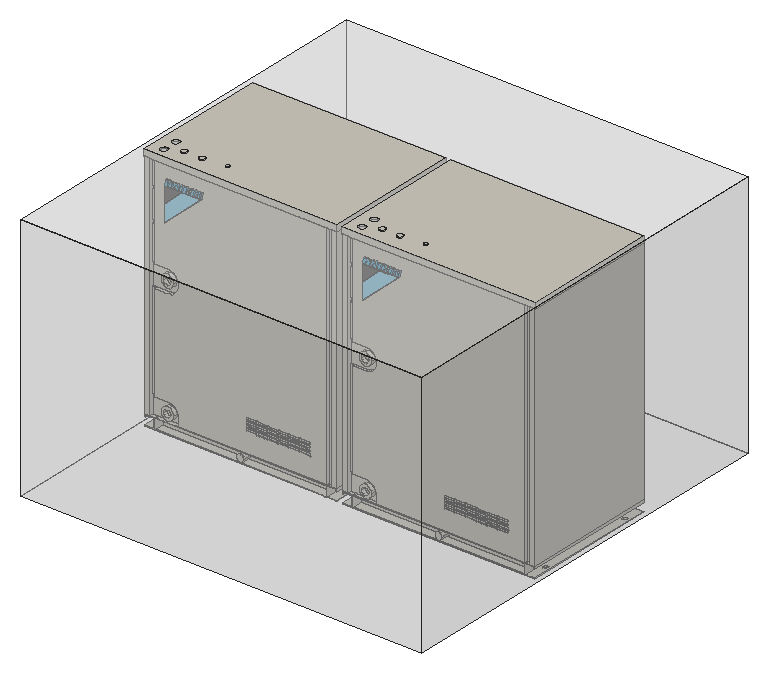
Revit family "outputfile", category 機械設備, Revit 2024
Family settings
  丸型コネクタ寸法 = 半径を使用
  種別 = なし
  パーツ タイプ = 標準
  OmniClass 番号 = 23.75.10.24.21.27.27
  OmniClass タイトル = Split System Air Conditioning Units
  作業面ベース = いいえ
  常に垂直 = はい
  ロード時にボイドで切り取り = いいえ
  注釈の向きを維持 = いいえ
  共有 = いいえ
  部屋計算ポイント = いいえ
Parameters (values of type "RWEYQ24TY1S")
  製造元 = "Daikin"
  書き出し IFC クラス(タイプ) = "IfcUnitaryEquipmentType"
  定義済み IFC タイプ(タイプ) = "AIRCONDITIONINGUNIT"
  モデル = "RWEYQ24TY1S"
  w_unit2 = 780.0 mm
  w_unit1 = 780.0 mm
  switch_unit2_6-8 [instance] = if(Reverse_ModuleSequence, if(default_unit1 = 1, 1 = 1, 1 = 0), if(default_unit2 = 1, 1 = 1, 1 = 0))  # no
  switch_unit2_12 [instance] = if(Reverse_ModuleSequence, if(default_unit1 = 3, 1 = 1, 1 = 0), if(default_unit2 = 3, 1 = 1, 1 = 0))  # yes
  switch_unit2_10 [instance] = if(Reverse_ModuleSequence, if(default_unit1 = 2, 1 = 1, 1 = 0), if(default_unit2 = 2, 1 = 1, 1 = 0))  # no
  switch_unit1_6-8 [instance] = if(Reverse_ModuleSequence, if(default_unit2 = 1, 1 = 1, 1 = 0), if(default_unit1 = 1, 1 = 1, 1 = 0))  # no
  switch_unit1_12 [instance] = if(Reverse_ModuleSequence, if(default_unit2 = 3, 1 = 1, 1 = 0), if(default_unit1 = 3, 1 = 1, 1 = 0))  # yes
  switch_unit1_10 [instance] = if(Reverse_ModuleSequence, if(default_unit2 = 2, 1 = 1, 1 = 0), if(default_unit1 = 2, 1 = 1, 1 = 0))  # no
  rangle_Drain [instance] = if(Rear Connection_Drain, 180.00°, 0.00°)  # 0.00°
  r_Water Outlet Pipe Connection_unit2 [instance] = Water Outlet Pipe Connection_Unit2 / 2  # 15.9 mm
  r_Water Outlet Pipe Connection_unit1 [instance] = Water Outlet Pipe Connection_Unit1 / 2  # 15.9 mm
  r_Water Inlet Pipe Connection_unit2 [instance] = Water Inlet Pipe Connection_Unit2 / 2  # 15.9 mm
  r_Water Inlet Pipe Connection_unit1 [instance] = Water Inlet Pipe Connection_Unit1 / 2  # 15.9 mm
  r_Liquid Pipe Size_unit2 [instance] = Liquid Pipe Size_Unit 2 / 2  # 6.35 mm
  r_HP/LP Gas Pipe Size_unit2 [instance] = [HP/LP Gas Pipe Size_Unit 2] / 2  # 11.1 mm
  r_HP/LP Gas Pipe Size_unit1 [instance] = [HP/LP Gas Pipe Size_Unit 1] / 2  # 11.1 mm
  r_Gas Pipe Size_unit2 [instance] = Gas Pipe Size_Unit 2 / 2  # 11.1 mm
  r_Drain Pipe Size = Drain Pipe Size / 2  # 6.35 mm
  lw_powersupply2 = 51.0 mm
  lw_liquidpipe2 = 274.0 mm
  lw_gaspipe2 [instance] = if(Heat Pump, 107.0 mm, 178.0 mm)  # 107.0 mm
  lw_Water Outlet2 = 95.0 mm
  lw_Water Outlet1 = 95.0 mm
  lw_Water Inlet2 = 95.0 mm
  lw_Water Inlet1 = 95.0 mm
  lw_HP/LP Gas Pipe2 [instance] = if(Heat Pump, 178.0 mm, 107.0 mm)  # 178.0 mm
  lw_HP/LP Gas Pipe1 [instance] = if(Heat Pump, 178.0 mm, 107.0 mm)  # 178.0 mm
  lw_Drain2 = 390.0 mm
  lw_Drain1 = 390.0 mm
  ld_HP/LP Gas Pipe = 69.0 mm
  h_mountinghole = [h_***] + 2.3 mm  # 2.3 mm
  r_Liquid Pipe Size_unit1 [instance] = Liquid Pipe Size_Unit 1 / 2  # 6.35 mm
  r_Gas Pipe Size_unit1 [instance] = Gas Pipe Size_Unit 1 / 2  # 11.1 mm
  distance_unit1-2 [instance] = 20.0 mm
  default_unit2 = 3
  default_unit1 = 3
  default_Water Outlet Pipe Connection_Unit 3 = 31.8 mm
  default_Water Outlet Pipe Connection_Unit 2 = 31.8 mm
  default_Water Outlet Pipe Connection_Unit 1 = 31.8 mm
  default_Water Inlet Pipe Connection_Unit 3 = 31.8 mm
  default_Water Inlet Pipe Connection_Unit 2 = 31.8 mm
  default_Water Inlet Pipe Connection_Unit 1 = 31.8 mm
  default_Model_Unit 2 = "RWEYQ12TY1S"
  default_Model_Unit 1 = "RWEYQ12TY1S"
  default_Liquid Pipe Size_Unit 2 = 12.7 mm
  default_Liquid Pipe Size_Unit 1 = 12.7 mm
  default_HP/LP Gas Pipe Size_Unit 2 [instance] = if(and(Heat Pump, [switch_unit2_6-8]), 19.1 mm, if(and(Heat Pump, switch_unit2_10), 22.2 mm, if(and(Heat Pump, switch_unit2_12), 22.2 mm, if(and(Heat Recovery, [switch_unit2_6-8]), 15.9 mm, if(and(Heat Recovery, switch_unit2_10), 19.1 mm, if(and(Heat Recovery, switch_unit2_12), 19.1 mm, 19.1 mm))))))  # 22.2 mm
  default_HP/LP Gas Pipe Size_Unit 1 [instance] = if(and(Heat Pump, [switch_unit1_6-8]), 19.1 mm, if(and(Heat Pump, switch_unit1_10), 22.2 mm, if(and(Heat Pump, switch_unit1_12), 22.2 mm, if(and(Heat Recovery, [switch_unit1_6-8]), 15.9 mm, if(and(Heat Recovery, switch_unit1_10), 19.1 mm, if(and(Heat Recovery, switch_unit1_12), 19.1 mm, 19.1 mm))))))  # 22.2 mm
  default_Gas Pipe Size_Unit 2 = 22.2 mm
  default_Gas Pipe Size_Unit 1 = 22.2 mm
  Water Outlet Pipe Connection_Unit2 [instance] = if(Reverse_ModuleSequence, default_Water Inlet Pipe Connection_Unit 1, default_Water Inlet Pipe Connection_Unit 2)  # 31.8 mm
  Water Outlet Pipe Connection_Unit1 [instance] = if(Reverse_ModuleSequence, default_Water Outlet Pipe Connection_Unit 2, default_Water Outlet Pipe Connection_Unit 1)  # 31.8 mm
  Water Inlet Pipe Connection_Unit2 [instance] = if(Reverse_ModuleSequence, default_Water Outlet Pipe Connection_Unit 1, default_Water Outlet Pipe Connection_Unit 2)  # 31.8 mm
  Water Inlet Pipe Connection_Unit1 [instance] = if(Reverse_ModuleSequence, default_Water Inlet Pipe Connection_Unit 2, default_Water Inlet Pipe Connection_Unit 1)  # 31.8 mm
  Voltage_comment_50Hz = "380-415"
  Voltage_50Hz = 400 V
  Top Connection_powersupply2 [instance] = not(Top Connection_powersupply1)  # no
  Sound Power Level (dB) = 75
  Reverse_ModuleSequence [instance] = no
  Rear Connection_Drain [instance] = not(Front Connection_Drain)  # no
  Power Input (Heating) = 15.700 kW
  Phase_50Hz = 3
  Nominal Heating Capacity = 75.000 kW
  Model_Unit 2 [instance] = if(Reverse_ModuleSequence, default_Model_Unit 1, default_Model_Unit 2)  # "RWEYQ12TY1S"
  Model_Unit 1 [instance] = if(Reverse_ModuleSequence, default_Model_Unit 2, default_Model_Unit 1)  # "RWEYQ12TY1S"
  Minimum Circuit Amps_50Hz = 27.3 A
  Maximum Fuse Amps_50Hz = 35.0 A
  Material_Heat Exchanger = DAIKIN_Blue_HE_outdoorunit
  Material_Casing = DAIKIN_IvoryWhite_Casing_outdoorunit
  lw_powersupply1 = 51.0 mm
  lw_liquidpipe1 = 274.0 mm
  lw_gaspipe1 [instance] = if(Heat Pump, 107.0 mm, 178.0 mm)  # 107.0 mm
  lh_powersupply = 940.0 mm
  ld_powersupply [instance] = if(Top Connection_powersupply1, 38.0 mm, 98.0 mm)  # 38.0 mm
  ld_liquidpipe = 79.0 mm
  ld_gaspipe = 69.0 mm
  h_*** = 0.0 mm
  Width [instance] = [distance_unit1-2] + w_unit1 + w_unit2  # 1580.0 mm
  Version = "ver.1.0"
  Unit Type = ""
  Unit Mass Weight = 294.00 kg
  Unit Designation [instance] = ""
  Uniclass2015Version = "Products v1.30"
  Uniclass2015Title = "Variable refrigerant flow units"
  Uniclass2015Code = "Pr_70_65_03_94"
  Total Cooling Capacity [instance] = 0.000 kW
  Sound Pressure Level (dBA) = 56
  Series = "VRV Heat Recovery"
  Refrigerant_Base Charge = 8.400 kg
  Refrigerant_Additional Charge [instance] = 0.000 kg
  Refrigerant Type = "R410A"
  Power Input (Cooling) = 14.700 kW
  Option Accessory 3 [instance] = ""
  Option Accessory 2 [instance] = ""
  Option Accessory 1 [instance] = ""
  Nominal Cooling Capacity = 67.000 kW
  Load Classification = HVAC
  Liquid Pipe Size_Unit 2 [instance] = if(Reverse_ModuleSequence, default_Liquid Pipe Size_Unit 1, default_Liquid Pipe Size_Unit 2)  # 12.7 mm
  Liquid Pipe Size_Unit 1 [instance] = if(Reverse_ModuleSequence, default_Liquid Pipe Size_Unit 2, default_Liquid Pipe Size_Unit 1)  # 12.7 mm
  Link_Nested Family [instance] = ""
  IfcVersion = ""
  IfcExportType = "AIRCONDITIONINGUNIT"
  IfcExportAs = "IfcUnitaryEquipmentType"
  Height = 1000.0 mm
  Heat Recovery [instance] = not(Heat Pump)  # no
  Heat Pump [instance] = yes
  Heat Exchanger Type = "Stainless Steel Plate"
  HP/LP Gas Pipe Size_Unit 2 [instance] = [default_HP/LP Gas Pipe Size_Unit 2]  # 22.2 mm
  HP/LP Gas Pipe Size_Unit 1 [instance] = [default_HP/LP Gas Pipe Size_Unit 1]  # 22.2 mm
  Gas Pipe Size_Unit 2 [instance] = if(Reverse_ModuleSequence, default_Gas Pipe Size_Unit 1, default_Gas Pipe Size_Unit 2)  # 22.2 mm
  Gas Pipe Size_Unit 1 [instance] = if(Reverse_ModuleSequence, default_Gas Pipe Size_Unit 2, default_Gas Pipe Size_Unit 1)  # 22.2 mm
  Top Connection_powersupply1 [instance] = yes
  Front Connection_Drain [instance] = yes
  Frequency_50Hz = 50 Hz
  Drain Pipe Size = 12.7 mm
  Depth = 550.0 mm
  既定の高さ = 0.0 mm
  Cooling Ambient Wet Bulb Temperature [instance] = 0.00 °C
  Cooling Ambient Dry Bulb Temperature [instance] = 0.00 °C
  Compressor Type = "Hermetically Sealed Scroll Type"
  Clearance visibility [instance] = yes
  Clearance Top = 0.0 mm
  Clearance Right = 20.0 mm
  Clearance Rear = 500.0 mm
  Clearance Left = 20.0 mm
  Clearance Front = 600.0 mm
  Clearance Bottom = 0.0 mm
  CU Tag No. [instance] = ""
Reference planes
  plane 1 "Center (Front/Back)": y = 0
  plane 2 "h_***": z = 0
  plane 3 "Center (Left/Right)": x = 0
  plane 4 "Back": y = 275
  plane 5 "Front": y = -275
  plane 6 "Left": x = -390
  plane 7 "w_unit1": x = 390
  plane 8 "Top": z = 1000
  plane 9 "Clearance Rear": y = 775
  plane 10 "Clearance Front": y = -875
  plane 11 "Clearance Left": x = -410
  plane 12 "Clearance Right": x = 1210
  plane 13 "Clearance Top": z = 1000
  plane 14 "Clearance Bottom": z = 0
  plane 15 "Bottom": z = 0
  plane 16 "lw_powersupply1": x = -339
  plane 17 "ld_powersupply": y = -237
  plane 18 "lw_liquidpipe1": x = -116
  plane 19 "Rear Connection_refrigetant": y = -196
  plane 20 "lw_gaspipe1": x = -283
  plane 21 "ld_gaspipe": y = -206
  plane 22 "lh_logo": z = 900
  plane 23 "lw_logo": x = 100
  plane 24 "lh_powersupply": z = 940
  plane 25 "lw_HP/LP Gas Pipe1": x = -212
  plane 26 "ld_HP/LP Gas Pipe": y = -206
  plane 27 "l_unit2": x = 410
  plane 28 "Right": x = 1190
  plane 29 "lw_powersupply2": x = 461
  plane 30 "lw_liquidpipe2": x = 684
  plane 31 "lw_gaspipe2": x = 517
  plane 32 "lw_HP/LP Gas Pipe2": x = 588
  plane 33 "lw_Water Inlet1": x = -295
  plane 34 "lw_Water Inlet2": x = 505
  plane 35 "lw_Water Outlet1": x = -295
  plane 36 "lw_Water Outlet2": x = 505
  plane 37 "lw_Drain1": x = 0
  plane 38 "lw_Drain2": x = 800
Dimensions and locks
  equal spacing: plane 4 "Back", plane 1 "Center (Front/Back)", plane 5 "Front"
  "Depth": plane 4 "Back" to plane 5 "Front"
  equal spacing: plane 6 "Left", plane 3 "Center (Left/Right)", plane 7 "w_unit1"
  "w_unit1": plane 6 "Left" to plane 7 "w_unit1"
  "Clearance Rear": plane 9 "Clearance Rear" to plane 4 "Back"
  "Clearance Front": plane 10 "Clearance Front" to plane 5 "Front"
  "Clearance Left": plane 11 "Clearance Left" to plane 6 "Left"
  "Clearance Top": plane 13 "Clearance Top" to plane 8 "Top"
  "h_***": plane 15 "Bottom" to plane 2 "h_***"
  "Height": plane 8 "Top" to plane 15 "Bottom"
  "Clearance Bottom": plane 15 "Bottom" to plane 14 "Clearance Bottom"
  "ld_powersupply": plane 17 "ld_powersupply" to plane 5 "Front"
  "ld_liquidpipe": plane 19 "Rear Connection_refrigetant" to plane 5 "Front"
  "ld_gaspipe": plane 21 "ld_gaspipe" to plane 5 "Front"
  locked: plane 23 "lw_logo" to plane 7 "w_unit1" at 290
  locked: plane 22 "lh_logo" to plane 15 "Bottom" at 900
  "lw_gaspipe1": plane 6 "Left" to plane 20 "lw_gaspipe1"
  "lw_liquidpipe1": plane 6 "Left" to plane 18 "lw_liquidpipe1"
  "lw_powersupply1": plane 6 "Left" to plane 16 "lw_powersupply1"
  "lh_powersupply": plane 24 "lh_powersupply" to plane 15 "Bottom"
  "lw_HP/LP Gas Pipe1": plane 6 "Left" to plane 25 "lw_HP/LP Gas Pipe1"
  "ld_HP/LP Gas Pipe": plane 26 "ld_HP/LP Gas Pipe" to plane 5 "Front"
  "distance_unit1-2": plane 7 "w_unit1" to plane 27 "l_unit2"
  "Clearance Right": plane 28 "Right" to plane 12 "Clearance Right"
  "Width": plane 6 "Left" to plane 28 "Right"
  "lw_powersupply2": plane 27 "l_unit2" to plane 29 "lw_powersupply2"
  "lw_HP/LP Gas Pipe2": plane 27 "l_unit2" to plane 32 "lw_HP/LP Gas Pipe2"
  "lw_gaspipe2": plane 27 "l_unit2" to plane 31 "lw_gaspipe2"
  "lw_liquidpipe2": plane 27 "l_unit2" to plane 30 "lw_liquidpipe2"
  "lw_Water Inlet1": plane 6 "Left" to plane 33 "lw_Water Inlet1"
  "lw_Water Inlet2": plane 27 "l_unit2" to plane 34 "lw_Water Inlet2"
  "lw_Water Outlet1": plane 6 "Left" to plane 35 "lw_Water Outlet1"
  "lw_Water Outlet2": plane 27 "l_unit2" to plane 36 "lw_Water Outlet2"
  "lw_Drain1": plane 6 "Left" to plane 37 "lw_Drain1"
  "lw_Drain2": plane 27 "l_unit2" to plane 38 "lw_Drain2"
  aligned and locked: level to plane 2 "h_***"
  aligned and locked: plane 9 "Clearance Rear" to nested 2
  aligned and locked: nested 2 to plane 10 "Clearance Front"
  aligned and locked: plane 11 "Clearance Left" to nested 2
  aligned and locked: plane 12 "Clearance Right" to nested 2
  aligned and locked: plane 13 "Clearance Top" to nested 2
  aligned and locked: plane 14 "Clearance Bottom" to nested 2
  aligned and locked: plane 8 "Top" to nested 1
  aligned and locked: plane 22 "lh_logo" to nested 7
  aligned and locked: nested 8 to plane 16 "lw_powersupply1"
  aligned and locked: nested 9 to plane 20 "lw_gaspipe1"
  aligned and locked: nested 10 to plane 18 "lw_liquidpipe1"
  aligned and locked: nested 10 to plane 19 "Rear Connection_refrigetant"
  aligned and locked: nested 9 to plane 21 "ld_gaspipe"
  aligned and locked: nested 8 to plane 17 "ld_powersupply"
  aligned and locked: plane 5 "Front" to nested 7
  aligned and locked: plane 24 "lh_powersupply" to nested 8
  aligned and locked: plane 27 "l_unit2" to nested 11
  aligned and locked: nested 17 to plane 29 "lw_powersupply2"
  aligned and locked: nested 17 to plane 17 "ld_powersupply"
  aligned and locked: nested 18 to plane 31 "lw_gaspipe2"
  aligned and locked: nested 18 to plane 26 "ld_HP/LP Gas Pipe"
  aligned and locked: plane 33 "lw_Water Inlet1" to nested 20
  aligned and locked: plane 34 "lw_Water Inlet2" to nested 21
  aligned and locked: plane 35 "lw_Water Outlet1" to nested 22
  aligned and locked: plane 36 "lw_Water Outlet2" to nested 23
  aligned and locked: plane 37 "lw_Drain1" to nested 24
  aligned and locked: plane 38 "lw_Drain2" to nested 25
  aligned and locked: plane 1 "Center (Front/Back)" to nested 20
  aligned and locked: plane 1 "Center (Front/Back)" to nested 21
  aligned and locked: plane 1 "Center (Front/Back)" to nested 22
  aligned and locked: plane 1 "Center (Front/Back)" to nested 23
  aligned and locked: plane 1 "Center (Front/Back)" to nested 24
  aligned and locked: plane 1 "Center (Front/Back)" to nested 25
  aligned and locked: nested 26 to plane 26 "ld_HP/LP Gas Pipe"
  aligned and locked: nested 27 to plane 26 "ld_HP/LP Gas Pipe"
  aligned and locked: plane 32 "lw_HP/LP Gas Pipe2" to nested 27
  aligned and locked: plane 25 "lw_HP/LP Gas Pipe1" to nested 26
Nested families
  nested 1: "DAIKIN_outdoorunit_RWEYQ-TY1S" at (-31, 0, 0), h_*** <- "h_***", Link_Nest <- "Link_Nested Family", h_mountinghole <- "h_mountinghole", Width <- "w_unit1", switch_unit1_6-8 <- "switch_unit1_6-8", switch_unit1_10 <- "switch_unit1_10", switch_unit1_12 <- "switch_unit1_12", type "RWEYQ-TY1S"
    with switch_unit1_6-8 no, switch_unit1_12 yes, switch_unit1_10 no, show_fixedhole yes, h_mountinghole 2.3 mm, h_antenna_mountinghole 998.7 mm, h_*** 0.0 mm, array_bolt 5, Width 780.0 mm, Liquid Pipe Size_Unit 1 12.7 mm, Link_Nest "", HP/LP Pipe Size_Unit 1 22.2 mm, Gas Pipe Size_Unit 1 22.2 mm
  nested 2: "daikin_clearancespace" at (400, -50, 500.119), visible <- "Clearance visibility", show <- "Clearance visibility", Link_Nested Family <- "Link_Nested Family", type "daikin_clearancespace"
    with width 1620.0 mm, show yes, height 1000.0 mm, depth 1650.0 mm, Link_Nested Family ""
  nested 3: "daikin_mountinghole" at (-372, 200, 0), type "daikin_mountinghole"
    with show yes, l_antenna 998.7 mm, h_mountinghole 2.3 mm, Link_Nested Family ""
  nested 4: "daikin_mountinghole" at (372, 200, 0), type "daikin_mountinghole"
    with show yes, l_antenna 998.7 mm, h_mountinghole 2.3 mm, Link_Nested Family ""
  nested 5: "daikin_mountinghole" at (-372, -200, 0), type "daikin_mountinghole"
    with show yes, l_antenna 998.7 mm, h_mountinghole 2.3 mm, Link_Nested Family ""
  nested 6: "daikin_mountinghole" at (372, -200, 0), type "daikin_mountinghole"
    with show yes, l_antenna 998.7 mm, h_mountinghole 2.3 mm, Link_Nested Family ""
  nested 7: "daikin_logo_elevation_w150" at (-212.5, -275, 744.568), type "daikin_logo_elevation_w150"
    with show_logo yes
  nested 8: "daikin_connector_rotate3" at (-339, -237, 940) x (-1, 0, 0) z (0, 0, -1), type "daikin_connector_rotate3"
    with show no, radius 10.0 mm, length 60.0 mm, angle_vertical 0.00°, angle_horizontal 0.00°
  nested 9: "daikin_connector_rotate3" at (-283, -206, 940) x (-1, 0, 0) z (0, 0, -1), radius <- "r_Gas Pipe Size_unit1", type "daikin_connector_rotate3"
    with show no, radius 11.1 mm, length 60.0 mm, angle_vertical 0.00°, angle_horizontal 0.00°
  nested 10: "daikin_connector_rotate3" at (-116, -196, 940) x (-1, 0, 0) z (0, 0, -1), radius <- "r_Liquid Pipe Size_unit1", type "daikin_connector_rotate3"
    with show no, radius 6.35 mm, length 60.0 mm, angle_vertical 0.00°, angle_horizontal 0.00°
  nested 11: "DAIKIN_outdoorunit_RWEYQ-TY1S" at (769, 0, 0), Width <- "w_unit2", switch_unit1_6-8 <- "switch_unit2_6-8", switch_unit1_10 <- "switch_unit2_10", switch_unit1_12 <- "switch_unit2_12", type "RWEYQ-TY1S"
    with switch_unit1_6-8 no, switch_unit1_12 yes, switch_unit1_10 no, show_fixedhole yes, h_mountinghole 2.3 mm, h_antenna_mountinghole 998.7 mm, h_*** 0.0 mm, array_bolt 5, Width 780.0 mm, Liquid Pipe Size_Unit 1 12.7 mm, Link_Nest "", HP/LP Pipe Size_Unit 1 22.2 mm, Gas Pipe Size_Unit 1 22.2 mm
  nested 12: "daikin_mountinghole" at (428, 200, 0), type "daikin_mountinghole"
    with show yes, l_antenna 998.7 mm, h_mountinghole 2.3 mm, Link_Nested Family ""
  nested 13: "daikin_mountinghole" at (1172, 200, 0), type "daikin_mountinghole"
    with show yes, l_antenna 998.7 mm, h_mountinghole 2.3 mm, Link_Nested Family ""
  nested 14: "daikin_mountinghole" at (428, -200, 0), type "daikin_mountinghole"
    with show yes, l_antenna 998.7 mm, h_mountinghole 2.3 mm, Link_Nested Family ""
  nested 15: "daikin_mountinghole" at (1172, -200, 0), type "daikin_mountinghole"
    with show yes, l_antenna 998.7 mm, h_mountinghole 2.3 mm, Link_Nested Family ""
  nested 16: "daikin_connector_rotate3" at (684, -196, 940) x (-1, 0, 0) z (0, 0, -1), radius <- "r_Liquid Pipe Size_unit2", type "daikin_connector_rotate3"
    with show no, radius 6.35 mm, length 60.0 mm, angle_vertical 0.00°, angle_horizontal 0.00°
  nested 17: "daikin_connector_rotate3" at (461, -237, 940) x (-1, 0, 0) z (0, 0, -1), type "daikin_connector_rotate3"
    with show no, radius 10.0 mm, length 60.0 mm, angle_vertical 0.00°, angle_horizontal 0.00°
  nested 18: "daikin_connector_rotate3" at (517, -206, 940) x (-1, 0, 0) z (0, 0, -1), radius <- "r_Gas Pipe Size_unit2", type "daikin_connector_rotate3"
    with show no, radius 11.1 mm, length 60.0 mm, angle_vertical 0.00°, angle_horizontal 0.00°
  nested 19: "daikin_logo_elevation_w150" at (587.5, -275, 744.568), type "daikin_logo_elevation_w150"
    with show_logo yes
  nested 20: "daikin_connector_rotate3" at (-295, 0, 76), radius <- "r_Water Inlet Pipe Connection_unit1", type "daikin_connector_rotate3"
    with show no, radius 15.9 mm, length 275.0 mm, angle_vertical 90.00°, angle_horizontal 0.00°
  nested 21: "daikin_connector_rotate3" at (505, 0, 76), radius <- "r_Water Inlet Pipe Connection_unit2", type "daikin_connector_rotate3"
    with show no, radius 15.9 mm, length 275.0 mm, angle_vertical 90.00°, angle_horizontal 0.00°
  nested 22: "daikin_connector_rotate3" at (-295, 0, 556), radius <- "r_Water Outlet Pipe Connection_unit1", type "daikin_connector_rotate3"
    with show no, radius 15.9 mm, length 275.0 mm, angle_vertical 90.00°, angle_horizontal 0.00°
  nested 23: "daikin_connector_rotate3" at (505, 0, 556), radius <- "r_Water Outlet Pipe Connection_unit2", type "daikin_connector_rotate3"
    with show no, radius 15.9 mm, length 275.0 mm, angle_vertical 90.00°, angle_horizontal 0.00°
  nested 24: "daikin_connector_rotate3" at (0, 0, 19), angle_horizontal <- "rangle_Drain", radius <- "r_Drain Pipe Size", type "daikin_connector_rotate3"
    with show no, radius 6.35 mm, length 275.0 mm, angle_vertical 90.00°, angle_horizontal 0.00°
  nested 25: "daikin_connector_rotate3" at (800, 0, 19), angle_horizontal <- "rangle_Drain", radius <- "r_Drain Pipe Size", type "daikin_connector_rotate3"
    with show no, radius 6.35 mm, length 275.0 mm, angle_vertical 90.00°, angle_horizontal 0.00°
  nested 26: "daikin_connector_rotate3" at (-212, -206, 940) x (1, 0, 0) z (0, 0, -1), radius <- "r_HP/LP Gas Pipe Size_unit1", type "daikin_connector_rotate3"
    with show no, radius 11.1 mm, length 60.0 mm, angle_vertical 0.00°, angle_horizontal 0.00°
  nested 27: "daikin_connector_rotate3" at (588, -206, 940) x (1, 0, 0) z (0, 0, -1), radius <- "r_HP/LP Gas Pipe Size_unit2", type "daikin_connector_rotate3"
    with show no, radius 11.1 mm, length 60.0 mm, angle_vertical 0.00°, angle_horizontal 0.00°
Connectors
  piping at (-116, -196, 1000), diameter 12.7, driven by "r_Liquid Pipe Size_unit1"
    settings: on nested 10, index 12, connector inside diameter 609.6 mm, connector length 0.0 mm, flow factor 0, pipe flow 0.00 m³/h, pressure drop 0.0 Pa, fitting loss kfactor 0, connector angle 0.00°, fixture units 0, engagement length 0.0 mm, angle of deflection 0.00°, flow configuration 0, flow direction 2, fitting loss method 0, system type 29, joint type 0, gender type 0, connector reference index -1, connector utility 0, adjustable connector no, is connector primary no, connector description "Refrigerant Liquid Piping1"
  electrical at (-339, -237, 1000), driven by "Load Classification"
    settings: on nested 8, index 13, voltage 0 V, apparent load 0 VA, apparent load phase1 0 VA, apparent load phase2 0 VA, apparent load phase3 0 VA, power factor 1, load classification "HVAC", number of poles 1, system type 30, power factor state 1, is connector primary yes, connector utility no, sub classification motor no, connector description "Power Supply1"
  piping at (684, -196, 1000), diameter 12.7, driven by "r_Liquid Pipe Size_unit2"
    settings: on nested 16, index 15, connector inside diameter 609.6 mm, connector length 0.0 mm, flow factor 0, pipe flow 0.00 m³/h, pressure drop 0.0 Pa, fitting loss kfactor 0, connector angle 0.00°, fixture units 0, engagement length 0.0 mm, angle of deflection 0.00°, flow configuration 0, flow direction 2, fitting loss method 0, system type 29, joint type 0, gender type 0, connector reference index -1, connector utility 0, adjustable connector no, is connector primary no, connector description "Refrigerant Liquid Piping2"
  electrical at (461, -237, 1000), driven by "Load Classification"
    settings: on nested 17, index 17, voltage 0 V, apparent load 0 VA, apparent load phase1 0 VA, apparent load phase2 0 VA, apparent load phase3 0 VA, power factor 1, load classification "HVAC", number of poles 1, system type 30, power factor state 1, is connector primary no, connector utility no, sub classification motor no, connector description "Power Supply2"
  piping at (-295, -275, 556), diameter 31.8, driven by "r_Water Outlet Pipe Connection_unit1"
    settings: on nested 22, index 19, connector inside diameter 609.6 mm, connector length 0.0 mm, flow factor 0, pipe flow 0.00 m³/h, pressure drop 0.0 Pa, fitting loss kfactor 0, connector angle 0.00°, fixture units 0, engagement length 0.0 mm, angle of deflection 0.00°, flow configuration 1, flow direction 2, fitting loss method 0, system type 8, joint type 0, gender type 0, connector reference index -1, connector utility 0, adjustable connector no, is connector primary no, connector description "Cooling Water Outlet Piping 1"
  piping at (-295, -275, 76), diameter 31.8, driven by "r_Water Inlet Pipe Connection_unit1"
    settings: on nested 20, index 20, connector inside diameter 609.6 mm, connector length 0.0 mm, flow factor 0, pipe flow 0.00 m³/h, pressure drop 0.0 Pa, fitting loss kfactor 0, connector angle 0.00°, fixture units 0, engagement length 0.0 mm, angle of deflection 0.00°, flow configuration 1, flow direction 1, fitting loss method 0, system type 7, joint type 0, gender type 0, connector reference index -1, connector utility 0, adjustable connector no, is connector primary no, connector description "Cooling Water Inlet  Piping 1"
  piping at (0, -275, 19), diameter 12.7, driven by "r_Drain Pipe Size"
    settings: on nested 24, index 21, connector inside diameter 609.6 mm, connector length 0.0 mm, flow factor 0, pipe flow 0.00 m³/h, pressure drop 0.0 Pa, fitting loss kfactor 0, connector angle 0.00°, fixture units 0, engagement length 0.0 mm, angle of deflection 0.00°, flow configuration 1, flow direction 2, fitting loss method 4, system type 16, joint type 0, gender type 0, connector reference index -1, connector utility 0, adjustable connector no, is connector primary no, connector description "Condensate Drain Piping 1"
  piping at (505, -275, 556), diameter 31.8, driven by "r_Water Outlet Pipe Connection_unit2"
    settings: on nested 23, index 22, connector inside diameter 609.6 mm, connector length 0.0 mm, flow factor 0, pipe flow 0.00 m³/h, pressure drop 0.0 Pa, fitting loss kfactor 0, connector angle 0.00°, fixture units 0, engagement length 0.0 mm, angle of deflection 0.00°, flow configuration 1, flow direction 2, fitting loss method 0, system type 8, joint type 0, gender type 0, connector reference index -1, connector utility 0, adjustable connector no, is connector primary no, connector description "Cooling Water Outlet Piping 2"
  piping at (505, -275, 76), diameter 31.8, driven by "r_Water Inlet Pipe Connection_unit2"
    settings: on nested 21, index 23, connector inside diameter 609.6 mm, connector length 0.0 mm, flow factor 0, pipe flow 0.00 m³/h, pressure drop 0.0 Pa, fitting loss kfactor 0, connector angle 0.00°, fixture units 0, engagement length 0.0 mm, angle of deflection 0.00°, flow configuration 1, flow direction 1, fitting loss method 0, system type 7, joint type 0, gender type 0, connector reference index -1, connector utility 0, adjustable connector no, is connector primary no, connector description "Cooling Water Inlet  Piping 2"
  piping at (800, -275, 19), diameter 12.7, driven by "r_Drain Pipe Size"
    settings: on nested 25, index 24, connector inside diameter 609.6 mm, connector length 0.0 mm, flow factor 0, pipe flow 0.00 m³/h, pressure drop 0.0 Pa, fitting loss kfactor 0, connector angle 0.00°, fixture units 0, engagement length 0.0 mm, angle of deflection 0.00°, flow configuration 1, flow direction 2, fitting loss method 4, system type 16, joint type 0, gender type 0, connector reference index -1, connector utility 0, adjustable connector no, is connector primary no, connector description "Condensate Drain Piping 2"
  piping at (-212, -206, 1000), diameter 22.2, driven by "r_HP/LP Gas Pipe Size_unit1"
    settings: on nested 26, index 27, connector inside diameter 609.6 mm, connector length 0.0 mm, flow factor 0, pipe flow 0.00 m³/h, pressure drop 0.0 Pa, fitting loss kfactor 0, connector angle 0.00°, fixture units 0, engagement length 0.0 mm, angle of deflection 0.00°, flow configuration 0, flow direction 0, fitting loss method 0, system type 29, joint type 0, gender type 0, connector reference index -1, connector utility 0, adjustable connector no, is connector primary no, connector description "Refrigerant HP/LP Gas Piping1"
  piping at (588, -206, 1000), diameter 22.2, driven by "r_HP/LP Gas Pipe Size_unit2"
    settings: on nested 27, index 28, connector inside diameter 609.6 mm, connector length 0.0 mm, flow factor 0, pipe flow 0.00 m³/h, pressure drop 0.0 Pa, fitting loss kfactor 0, connector angle 0.00°, fixture units 0, engagement length 0.0 mm, angle of deflection 0.00°, flow configuration 0, flow direction 0, fitting loss method 0, system type 29, joint type 0, gender type 0, connector reference index -1, connector utility 0, adjustable connector no, is connector primary no, connector description "Refrigerant HP/LP Gas Piping2"
  piping at (-283, -206, 1000), diameter 22.2, driven by "r_Gas Pipe Size_unit1"
    settings: on nested 9, index 29, connector inside diameter 609.6 mm, connector length 0.0 mm, flow factor 0, pipe flow 0.00 m³/h, pressure drop 0.0 Pa, fitting loss kfactor 0, connector angle 0.00°, fixture units 0, engagement length 0.0 mm, angle of deflection 0.00°, flow configuration 0, flow direction 1, fitting loss method 0, system type 29, joint type 0, gender type 0, connector reference index -1, connector utility 0, adjustable connector no, is connector primary yes, connector description "Refrigerant Gas Piping1"
  piping at (517, -206, 1000), diameter 22.2, driven by "r_Gas Pipe Size_unit2"
    settings: on nested 18, index 30, connector inside diameter 609.6 mm, connector length 0.0 mm, flow factor 0, pipe flow 0.00 m³/h, pressure drop 0.0 Pa, fitting loss kfactor 0, connector angle 0.00°, fixture units 0, engagement length 0.0 mm, angle of deflection 0.00°, flow configuration 0, flow direction 1, fitting loss method 0, system type 29, joint type 0, gender type 0, connector reference index -1, connector utility 0, adjustable connector no, is connector primary no, connector description "Refrigerant Gas Piping2"
Definition of nested family "DAIKIN_outdoorunit_RWEYQ-TY1S"
  Parameters (values of type "RWEYQ-TY1S")
    w_wiremesh_right = 668.0 mm  # constant formula
    w_wiremesh_left = 590.0 mm  # constant formula
    w_wiremesh_front = 248.0 mm  # constant formula
    switch_unit1_6-8 [instance] = no
    switch_unit1_12 [instance] = yes
    switch_unit1_10 [instance] = no
    show_fixedhole [instance] = yes
    material_heatexchanger = none
    material_casing = none
    ld_hole1_bottom = 154.0 mm  # constant formula
    h_wiremesh = 900.0 mm  # constant formula
    h_mountinghole [instance] = 2.3 mm
    h_antenna_mountinghole [instance] = Height + 1.0 mm - 2.3 mm  # 998.7 mm
    h_*** [instance] = 0.0 mm
    array_bolt [instance] = 5
    Width [instance] = 780.0 mm
    Liquid Pipe Size_Unit 1 [instance] = if([switch_unit1_6-8], 9.5 mm, if(switch_unit1_10, 9.5 mm, if(switch_unit1_12, 12.7 mm, 9.5 mm)))  # 12.7 mm
    Link_Nest [instance] = ""
    Height = 1000.0 mm
    Heat Recovery = not(Heat Pump)  # no
    Heat Pump = yes
    HP/LP Pipe Size_Unit 1_L = if(Heat Pump, 178.0 mm, 107.0 mm)  # 178.0 mm
    HP/LP Pipe Size_Unit 1 [instance] = if(Heat Recovery, if([switch_unit1_6-8], 15.9 mm, if(switch_unit1_10, 19.1 mm, if(switch_unit1_12, 19.1 mm, 15.9 mm))), if([switch_unit1_6-8], 19.1 mm, if(switch_unit1_10, 22.2 mm, if(switch_unit1_12, 22.2 mm, 19.1 mm))))  # 22.2 mm
    Gas Pipe Size_Unit 1_L = if(Heat Pump, 107.0 mm, 178.0 mm)  # 107.0 mm
    Gas Pipe Size_Unit 1_H = 60.0 mm  # constant formula
    Gas Pipe Size_Unit 1 [instance] = if([switch_unit1_6-8], 19.1 mm, if(switch_unit1_10, 22.2 mm, if(switch_unit1_12, 22.2 mm, 19.1 mm)))  # 22.2 mm
    Depth = 550.0 mm
    Default Elevation = 0.0 mm
  Reference planes
    plane 1 "Center (Front/Back)": y = 0
    plane 2 "reference_level": z = 0
    plane 3 "Center (Left/Right)": x = 31
    plane 4 "Bottom": z = 0
    plane 5: x = 421
    plane 6: x = -359
    plane 7 "Back": y = 275
    plane 8 "Front": y = -275
    plane 9: z = 1000
    plane 10: z = 976
    plane 11: y = -255
    plane 12: y = 255
    plane 13: x = -337
    plane 14: x = 399
    plane 15: x = -341
    plane 16: z = 45
    plane 17: x = 403
    plane 18: y = 200
    plane 19: y = -200
    plane 20: z = 1060
    plane 21: z = 19
    plane 22: z = 1000
    plane 23: z = 940
  Forms (mm)
    Extrusion 1, solid, material <- "material_heatexchanger"
      sketch origin (0, 0, 0) x (1, 0, 0) y (0, 1, 0)
        loop
          line (-337, 255) -> (-337, -255) -> (399, -255) -> (399, 255) -> (-337, 255)
      from 54 to 976
    Extrusion 2, void
      sketch origin (0, 350, 0) x (1, 0, 0) y (0, 1, 0)
        loop
          circle (-341, -150) r 8.5
        loop
          circle (403, -150) r 8.5
        loop
          circle (403, -550) r 8.5
        loop
          circle (-341, -550) r 8.5
      from 0 to 29.064
    Extrusion 3, solid, material <- "material_casing"
      sketch origin (620, -305, 0) x (-1, 0, 0) y (0, 0, 1)
        loop
          line (204.3, 35.061) -> (204.3, 42.7) -> (239.7, 42.7) -> (239.7, 2.3) -> (201, 2.3) -> (201, 0) -> (242, 0) -> (242, 45) -> (201, 45) -> (201, 35.061) -> (204.3, 35.061)
        loop
          line (973.7, 35.061) -> (977, 35.061) -> (977, 45) -> (936, 45) -> (936, 0) -> (977, 0) -> (977, 2.3) -> (938.3, 2.3) -> (938.3, 42.7) -> (973.7, 42.7) -> (973.7, 35.061)
      from 30 to 580
    Extrusion 4, solid, material <- "material_casing"
      sketch origin (31, 0, 0) x (0, 1, 0) y (0, 0, 1)
        loop
          line (-275, 45) -> (-275, 42.7) -> (-236.3, 42.7) -> (-236.3, 2.3) -> (-275, 2.3) -> (-275, 0) -> (-234, 0) -> (-234, 45) -> (-275, 45)
        loop
          line (275, 45) -> (234, 45) -> (234, 0) -> (275, 0) -> (275, 2.3) -> (236.3, 2.3) -> (236.3, 42.7) -> (275, 42.7) -> (275, 45)
      from -347 to 347
    Extrusion 5, solid, material <- "material_casing"
      sketch origin (0, 0, 0) x (1, 0, 0) y (0, 1, 0)
        loop
          circle (-85, -196) r 6.35
        loop
          circle (-181, -206) r 11.1
      from 940 to 1000
    Extrusion 6, solid, material <- "material_casing"
      sketch origin (-663.497, -190, 1200) x (-1, 0, 0) y (0, 0, 1)
        loop
          circle (-694.497, -1181) r 14
      from -85 to -46.3
    Extrusion 7, solid, material <- "material_casing"
      sketch origin (-663.497, 321.3, 1200) x (-1, 0, 0) y (0, 0, 1)
        loop
          circle (-694.497, -1181) r 14
      from -85 to -46.3
    Extrusion 8, solid, material <- "material_casing"
      sketch origin (0, -500, 0) x (1, 0, 0) y (0, 1, 0)
        loop
          circle (-252, 294) r 11.1
      from 940 to 1000
  Cuts and joins
    Extrusion 2 cuts Extrusion 3
  Dimensions and locks
    equal spacing: plane 6, plane 3 "Center (Left/Right)", plane 5
    "Width": plane 6 to plane 5
    locked: plane 9 to plane 10 at 24
    "Depth": plane 8 "Front" to plane 7 "Back"
    equal spacing: plane 7 "Back", plane 1 "Center (Front/Back)", plane 8 "Front"
    locked: plane 12 to plane 7 "Back" at 20
    locked: plane 11 to plane 8 "Front" at 20
    locked: plane 6 to plane 13 at 22
    locked: plane 14 to plane 5 at 22
    locked: plane 6 to plane 15 at 18
    "h_***": plane 4 "Bottom" to plane 2 "reference_level"
    locked: plane 16 to plane 4 "Bottom" at 45
    "Height": plane 9 to plane 4 "Bottom"
    locked: plane 5 to Extrusion 3 sketch curve at 2  (x2)
    locked: Extrusion 3 sketch curve to Extrusion 3 sketch curve at 41  (x2)
    locked: Extrusion 3 sketch curve to Extrusion 3 sketch curve at 3.3  (x2)
    locked: Extrusion 3 sketch curve to plane 6 at 2  (x2)
    locked: plane 8 "Front" to Extrusion 4 sketch curve at 41
    locked: Extrusion 4 sketch curve to plane 7 "Back" at 41
    locked: plane 17 to plane 5 at 18
    plane 19 to plane 8 "Front" = 75.0 mm
    locked: plane 18 to plane 7 "Back" at 75
    locked: Extrusion 5 sketch curve to plane 8 "Front" at 79
    locked: plane 6 to Extrusion 5 sketch curve at 274
    "HP/LP Pipe Size_Unit 1_L": plane 6 to Extrusion 5 sketch curve
    locked: Extrusion 5 sketch curve to plane 8 "Front" at 69
    locked: plane 20 to plane 9 at 60
    plane 21 to plane 4 "Bottom" = 19.0 mm
    locked: Extrusion 8 sketch curve to plane 8 "Front" at 69
    "Gas Pipe Size_Unit 1_L": plane 6 to Extrusion 8 sketch curve
    "Gas Pipe Size_Unit 1_H": plane 20 to plane 22
    locked: plane 22 to plane 23 at 60
    "HP/LP Pipe Size_Unit 1": diameter of Extrusion 5 sketch curve
    "Liquid Pipe Size_Unit 1": diameter of Extrusion 5 sketch curve
    "Gas Pipe Size_Unit 1": diameter of Extrusion 8 sketch curve
    aligned and locked: level to plane 2 "reference_level"
    aligned and locked: plane 12 to Extrusion 1 sketch curve
    aligned and locked: plane 11 to Extrusion 1 sketch curve
    aligned and locked: plane 13 to Extrusion 1 sketch curve
    aligned and locked: plane 14 to Extrusion 1 sketch curve
    aligned and locked: plane 10 to Extrusion 1
    aligned and locked: plane 11 to nested 1
    aligned and locked: plane 10 to nested 4
    aligned and locked: nested 5 to plane 9
    aligned and locked: plane 10 to nested 3
    aligned and locked: plane 10 to nested 2
    aligned and locked: plane 13 to nested 4
    aligned and locked: plane 14 to nested 2
    aligned and locked: plane 12 to nested 3
    aligned and locked: plane 15 to nested 7
    aligned and locked: plane 15 to nested 9
    aligned and locked: plane 8 "Front" to nested 5
    aligned and locked: plane 6 to nested 5
    aligned and locked: plane 10 to nested 1
    aligned and locked: plane 13 to nested 1
    aligned and locked: nested 2 to plane 1 "Center (Front/Back)"
    aligned and locked: nested 3 to plane 3 "Center (Left/Right)"
    aligned and locked: plane 1 "Center (Front/Back)" to nested 4
    aligned and locked: nested 6 to plane 3 "Center (Left/Right)"
    aligned and locked: plane 1 "Center (Front/Back)" to nested 6
    aligned and locked: plane 16 to Extrusion 3 sketch curve
    aligned and locked: Extrusion 3 sketch curve to plane 4 "Bottom"
    aligned and locked: Extrusion 3 sketch curve to plane 16
    aligned and locked: plane 4 "Bottom" to Extrusion 3 sketch curve
    aligned and locked: Extrusion 3 to plane 7 "Back"
    aligned and locked: Extrusion 3 to plane 8 "Front"
    aligned and locked: plane 8 "Front" to Extrusion 4 sketch curve  (x2)
    aligned and locked: plane 4 "Bottom" to Extrusion 4 sketch curve
    aligned and locked: Extrusion 4 sketch curve to plane 16
    aligned and locked: Extrusion 4 sketch curve to plane 7 "Back"  (x2)
    aligned and locked: plane 18 to Extrusion 2 sketch curve  (x2)
    aligned and locked: plane 15 to Extrusion 2 sketch curve  (x2)
    aligned and locked: plane 17 to Extrusion 2 sketch curve  (x2)
    aligned and locked: plane 17 to nested 8
    aligned and locked: plane 18 to nested 8
    aligned and locked: plane 18 to nested 7
    aligned and locked: nested 7 to plane 15
    aligned and locked: nested 9 to plane 19
    aligned and locked: nested 9 to plane 15
    aligned and locked: nested 10 to plane 19
    aligned and locked: plane 17 to nested 10
    aligned and locked: plane 19 to Extrusion 2 sketch curve  (x2)
    aligned and locked: plane 21 to Extrusion 6 sketch curve
    aligned and locked: plane 3 "Center (Left/Right)" to Extrusion 6 sketch curve
    aligned and locked: plane 22 to Extrusion 8
    aligned and locked: Extrusion 8 to plane 23
    aligned and locked: Extrusion 5 to plane 23
    aligned and locked: Extrusion 5 to plane 22
  Automatic sketch dimensions
    Extrusion 3 sketch curve to Extrusion 3 sketch curve = 2.3 mm  (x2)
    level to Extrusion 3 sketch curve = 2.3 mm  (x2)
    Extrusion 3 sketch curve to plane 16 = 9.939 mm  (x2)
    Extrusion 3 sketch curve to plane 16 = 2.3 mm  (x2)
    Extrusion 4 sketch curve to level = 0.0 mm
    Extrusion 4 sketch curve to plane 16 = 0.0 mm
    Extrusion 4 sketch curve to Extrusion 4 sketch curve = 2.3 mm  (x2)
    level to Extrusion 4 sketch curve = 2.3 mm  (x2)
    Extrusion 4 sketch curve to plane 16 = 2.3 mm  (x2)
    Extrusion 7 sketch curve to plane 3 "Center (Left/Right)" = 0.0 mm
    Extrusion 7 sketch curve to plane 21 = 0.0 mm
    radius of Extrusion 2 sketch curve = 8.5 mm  (x4)
    radius of Extrusion 6 sketch curve = 14.0 mm
    radius of Extrusion 7 sketch curve = 14.0 mm
  Nested families
    nested 1: "outdoorunit_frontpanel" at (-337, -265, 45), material <- "material_casing", type "frontpanel1"
      with material none
    nested 2: "outdoorunit_rightpanel1" at (409, -275, 45) x (0, 1, 0) z (0, 0, 1), material <- "material_casing", type "frontpanel1"
      with material none
    nested 3: "outdoorunit_backpanel" at (399, 265, 45) x (-1, 0, 0) z (0, 0, 1), material <- "material_casing", type "frontpanel1"
      with material none
    nested 4: "outdoorunit_leftpanel" at (-347, 275, 45) x (0, -1, 0) z (0, 0, 1), material <- "material_casing", type "frontpanel1"
      with material none
    nested 5: "outdoorunit_uppanel" at (-359, -275, 988) x (1, 0, 0) z (0, 1, 0), material <- "material_casing", type "frontpanel1"
      with material none
    nested 6: "outdoorunit_downpanel" at (399, 255, 56) x (-1, 0, 0) z (0, -1, 0), material <- "material_casing", type "frontpanel1"
      with material none
    nested 7: "daikin_mountinghole" at (-341, 200, 0), visible <- "show_fixedhole", Link_Nested Family <- "Link_Nest", l_antenna <- "h_antenna_mountinghole", h_mountinghole <- "h_mountinghole", type "daikin_mountinghole"
      with show yes, l_antenna 998.7 mm, h_mountinghole 2.3 mm, Link_Nested Family ""
    nested 8: "daikin_mountinghole" at (403, 200, 0), visible <- "show_fixedhole", Link_Nested Family <- "Link_Nest", l_antenna <- "h_antenna_mountinghole", h_mountinghole <- "h_mountinghole", type "daikin_mountinghole"
      with show yes, l_antenna 998.7 mm, h_mountinghole 2.3 mm, Link_Nested Family ""
    nested 9: "daikin_mountinghole" at (-341, -200, 0), visible <- "show_fixedhole", Link_Nested Family <- "Link_Nest", l_antenna <- "h_antenna_mountinghole", h_mountinghole <- "h_mountinghole", type "daikin_mountinghole"
      with show yes, l_antenna 998.7 mm, h_mountinghole 2.3 mm, Link_Nested Family ""
    nested 10: "daikin_mountinghole" at (403, -200, 0), visible <- "show_fixedhole", Link_Nested Family <- "Link_Nest", l_antenna <- "h_antenna_mountinghole", h_mountinghole <- "h_mountinghole", type "daikin_mountinghole"
      with show yes, l_antenna 998.7 mm, h_mountinghole 2.3 mm, Link_Nested Family ""
  Definition of nested family "outdoorunit_frontpanel"
    Parameters (values of type "frontpanel1")
      width = 736.0 mm
      material [instance] = none
      height1 = 931.0 mm
      depth = 20.0 mm
      Default Elevation = 0.0 mm
    Reference planes
      plane 1 "Center (Front/Back)": y = 0
      plane 2 "Bottom": z = 0
      plane 3: x = 0
      plane 4 "Back": y = 10
      plane 5 "Front": y = -10
      plane 6: x = 736
      plane 7 "Top": z = 931
      plane 8 "Left": x = 0
      plane 9 "Center L/S": y = 5
      plane 10 "Center L/T": y = -5
    Forms (mm)
      Extrusion 1, solid, material <- "material"
        sketch origin (0, 0, 0) x (1, 0, 0) y (0, 1, 0)
          loop
            line (0, 10) -> (0, -10) -> (736, -10) -> (736, 10) -> (0, 10)
        from 0 to 931
      Extrusion 2, void
        sketch origin (0, 0, 0) x (1, 0, 0) y (0, 0, 1)
          loop
            line (0, 931) -> (0, 0) -> (21, 0) -> (21, 931) -> (0, 931)
          loop
            line (736, 931) -> (715, 931) -> (715, 0) -> (736, 0) -> (736, 931)
        from 0 to 250
      Extrusion 3, void
        sketch origin (0, 0, 0) x (1, 0, 0) y (0, 0, 1)
          loop
            line (2, 931) -> (-33, 931) -> (-33, -14) -> (118, -14) -> (118, 31)
            arc (118, 31) -> (104.82, 62.82) -> (73, 76) r 45
            line (73, 76) -> (2, 76) -> (2, 466) -> (73, 466)
            arc (73, 466) -> (118, 511) -> (73, 556) r 45
            line (73, 556) -> (2, 556) -> (2, 692) -> (10.5, 692)
            arc (10.5, 692) -> (18, 699.5) -> (10.5, 707) r 7.5
            line (10.5, 707) -> (2, 707) -> (2, 817) -> (10.5, 817)
            arc (10.5, 817) -> (18, 824.5) -> (10.5, 832) r 7.5
            line (10.5, 832) -> (2, 832) -> (2, 931)
        from -5 to 250
      Extrusion 4, void
        sketch origin (0, 0, 0) x (1, 0, 0) y (0, 0, 1)
          loop
            line (734, 931) -> (734, 0) -> (972.161, 0) -> (972.161, 931) -> (734, 931)
        from -5 to 250
      Extrusion 5, solid, material <- "material"
        sketch origin (0, 0, 0) x (1, 0, 0) y (0, 0, 1)
          loop
            circle (73, 511) r 25
          loop
            circle (73, 511) r 15.5
          loop
            circle (73, 31) r 25
          loop
            circle (73, 31) r 15.5
        from -5 to 10
      Extrusion 6, void
        sketch origin (0, 0, 0) x (1, 0, 0) y (0, 0, 1)
          loop
            line (390.8, 131) -> (390.8, 118.75) -> (433.5, 118.75) -> (433.5, 131) -> (390.8, 131)
          loop
            line (390.8, 80) -> (433.5, 80) -> (433.5, 92.25) -> (390.8, 92.25) -> (390.8, 80)
          loop
            line (390.8, 117.75) -> (390.8, 106) -> (433.5, 106) -> (433.5, 117.75) -> (390.8, 117.75)
          loop
            line (390.8, 105) -> (390.8, 93.25) -> (433.5, 93.25) -> (433.5, 105) -> (390.8, 105)
          loop
            line (476.7, 131) -> (434.5, 131) -> (434.5, 118.75) -> (476.7, 118.75) -> (476.7, 131)
          loop
            line (434.5, 80) -> (476.7, 80) -> (476.7, 92.25) -> (434.5, 92.25) -> (434.5, 80)
          loop
            line (434.5, 117.75) -> (434.5, 106) -> (476.7, 106) -> (476.7, 117.75) -> (434.5, 117.75)
          loop
            line (434.5, 105) -> (434.5, 93.25) -> (476.7, 93.25) -> (476.7, 105) -> (434.5, 105)
          loop
            line (519.9, 131) -> (477.7, 131) -> (477.7, 118.75) -> (519.9, 118.75) -> (519.9, 131)
          loop
            line (477.7, 80) -> (519.9, 80) -> (519.9, 92.25) -> (477.7, 92.25) -> (477.7, 80)
          loop
            line (477.7, 117.75) -> (477.7, 106) -> (519.9, 106) -> (519.9, 117.75) -> (477.7, 117.75)
          loop
            line (477.7, 105) -> (477.7, 93.25) -> (519.9, 93.25) -> (519.9, 105) -> (477.7, 105)
          loop
            line (563.1, 131) -> (520.9, 131) -> (520.9, 118.75) -> (563.1, 118.75) -> (563.1, 131)
          loop
            line (520.9, 80) -> (563.1, 80) -> (563.1, 92.25) -> (520.9, 92.25) -> (520.9, 80)
          loop
            line (520.9, 117.75) -> (520.9, 106) -> (563.1, 106) -> (563.1, 117.75) -> (520.9, 117.75)
          loop
            line (520.9, 105) -> (520.9, 93.25) -> (563.1, 93.25) -> (563.1, 105) -> (520.9, 105)
          loop
            line (606.3, 131) -> (564.1, 131) -> (564.1, 118.75) -> (606.3, 118.75) -> (606.3, 131)
          loop
            line (564.1, 80) -> (606.3, 80) -> (606.3, 92.25) -> (564.1, 92.25) -> (564.1, 80)
          loop
            line (564.1, 117.75) -> (564.1, 106) -> (606.3, 106) -> (606.3, 117.75) -> (564.1, 117.75)
          loop
            line (564.1, 105) -> (564.1, 93.25) -> (606.3, 93.25) -> (606.3, 105) -> (564.1, 105)
          loop
            line (650, 131) -> (607.3, 131) -> (607.3, 118.75) -> (650, 118.75) -> (650, 131)
          loop
            line (607.3, 80) -> (650, 80) -> (650, 92.25) -> (607.3, 92.25) -> (607.3, 80)
          loop
            line (607.3, 117.75) -> (607.3, 106) -> (650, 106) -> (650, 117.75) -> (607.3, 117.75)
          loop
            line (607.3, 105) -> (607.3, 93.25) -> (650, 93.25) -> (650, 105) -> (607.3, 105)
        from 5 to 250
    Cuts and joins
      Extrusion 2, Extrusion 3, Extrusion 4, Extrusion 6 cuts Extrusion 1
    Dimensions and locks
      equal spacing: plane 4 "Back", plane 1 "Center (Front/Back)", plane 5 "Front"
      "depth": plane 4 "Back" to plane 5 "Front"
      "width": plane 8 "Left" to plane 6
      "height1": plane 7 "Top" to plane 2 "Bottom"
      locked: plane 8 "Left" to Extrusion 2 sketch curve at 21
      locked: Extrusion 2 sketch curve to plane 6 at 21
      locked: plane 9 "Center L/S" to plane 1 "Center (Front/Back)" at 5
      locked: Extrusion 3 sketch curve to Extrusion 3 sketch curve at 15  (x2)
      locked: plane 7 "Top" to Extrusion 3 sketch curve at 99
      locked: Extrusion 3 sketch curve to plane 8 "Left" at 10.5
      locked: Extrusion 3 sketch curve to Extrusion 3 sketch curve at 125
      locked: Extrusion 3 sketch curve to Extrusion 3 sketch curve at 90  (x2)
      locked: Extrusion 3 sketch curve to plane 8 "Left" at 73
      locked: Extrusion 3 sketch curve to Extrusion 3 sketch curve at 136
      locked: Extrusion 3 sketch curve to plane 2 "Bottom" at 76
      locked: Extrusion 3 sketch curve to Extrusion 3 sketch curve at 390
      locked: plane 6 to Extrusion 4 sketch curve at 2
      locked: plane 10 "Center L/T" to plane 1 "Center (Front/Back)" at 5
      aligned and locked: level to plane 2 "Bottom"
      aligned and locked: plane 8 "Left" to Extrusion 1 sketch curve
      aligned and locked: Extrusion 1 sketch curve to plane 4 "Back"
      aligned and locked: plane 5 "Front" to Extrusion 1 sketch curve
      aligned and locked: Extrusion 1 to plane 2 "Bottom"
      aligned and locked: plane 7 "Top" to Extrusion 1
      aligned and locked: plane 3 to plane 8 "Left"
      aligned and locked: plane 8 "Left" to Extrusion 2 sketch curve
      aligned and locked: Extrusion 2 sketch curve to plane 7 "Top"
      aligned and locked: plane 2 "Bottom" to Extrusion 2 sketch curve
      aligned and locked: Extrusion 2 sketch curve to plane 2 "Bottom"
      aligned and locked: plane 6 to Extrusion 2 sketch curve
      aligned and locked: plane 7 "Top" to Extrusion 2 sketch curve
      aligned and locked: Extrusion 2 to plane 1 "Center (Front/Back)"
      aligned and locked: plane 9 "Center L/S" to Extrusion 3
      aligned and locked: Extrusion 4 sketch curve to plane 7 "Top"
      aligned and locked: plane 2 "Bottom" to Extrusion 4 sketch curve
      aligned and locked: Extrusion 4 to plane 9 "Center L/S"
      aligned and locked: Extrusion 5 to plane 5 "Front"
      aligned and locked: plane 9 "Center L/S" to Extrusion 5
      aligned and locked: Extrusion 6 to plane 10 "Center L/T"
    Automatic sketch dimensions
      Extrusion 1 sketch curve to plane 6 = 0.0 mm
      Extrusion 3 sketch curve to plane 7 "Top" = 0.0 mm
      plane 3 to Extrusion 3 sketch curve = 2.0 mm  (x4)
      plane 3 to Extrusion 3 sketch curve = 10.5 mm
      Extrusion 3 sketch curve to Extrusion 3 sketch curve = 71.0 mm
      level to Extrusion 3 sketch curve = 31.0 mm
      Extrusion 3 sketch curve to plane 3 = 33.0 mm
      plane 6 to Extrusion 4 sketch curve = 236.161 mm
      Extrusion 5 sketch curve to Extrusion 5 sketch curve = 0.0 mm  (x4)
      plane 3 to Extrusion 5 sketch curve = 73.0 mm  (x2)
      level to Extrusion 5 sketch curve = 31.0 mm
      Extrusion 5 sketch curve to plane 7 "Top" = 420.0 mm
      level to Extrusion 6 sketch curve = 131.0 mm
      Extrusion 6 sketch curve to plane 6 = 345.2 mm
      Extrusion 6 sketch curve to Extrusion 6 sketch curve = 0.0 mm  (x40)
      Extrusion 6 sketch curve to Extrusion 6 sketch curve = 42.7 mm  (x2)
      Extrusion 6 sketch curve to Extrusion 6 sketch curve = 1.0 mm  (x32)
      Extrusion 6 sketch curve to Extrusion 6 sketch curve = 42.2 mm  (x4)
      Extrusion 6 sketch curve to Extrusion 6 sketch curve = 12.25 mm  (x7)
      Extrusion 6 sketch curve to Extrusion 6 sketch curve = 11.75 mm  (x9)
      radius of Extrusion 5 sketch curve = 25.0 mm  (x2)
      radius of Extrusion 5 sketch curve = 15.5 mm  (x2)
  Definition of nested family "outdoorunit_rightpanel1"
    Parameters (values of type "frontpanel1")
      width = 550.0 mm
      material [instance] = none
      height1 = 931.0 mm
      depth = 20.0 mm
      Default Elevation = 0.0 mm
    Reference planes
      plane 1 "Center (Front/Back)": y = 0
      plane 2 "Bottom": z = 0
      plane 3: x = 0
      plane 4 "Back": y = 10
      plane 5 "Front": y = -10
      plane 6: x = 550
      plane 7 "Top": z = 931
      plane 8 "Left": x = 0
      plane 9: y = -8.75
      plane 10: z = 639
      plane 11: y = -5.75
      plane 12: y = -2.551
      plane 13: y = -13
      plane 14: x = 275
    Forms (mm)
      Extrusion 1, solid, material <- "material"
        sketch origin (0, 0, 0) x (1, 0, 0) y (0, 1, 0)
          loop
            line (0, 10) -> (0, -10) -> (550, -10) -> (550, 10) -> (0, 10)
        from 0 to 931
    Dimensions and locks
      equal spacing: plane 4 "Back", plane 1 "Center (Front/Back)", plane 5 "Front"
      "depth": plane 4 "Back" to plane 5 "Front"
      "width": plane 8 "Left" to plane 6
      "height1": plane 7 "Top" to plane 2 "Bottom"
      locked: plane 10 to plane 2 "Bottom" at 639
      locked: plane 12 to plane 11 at 3.199
      plane 5 "Front" to plane 13 = 3.0 mm
      equal spacing: plane 8 "Left", plane 14, plane 6
      aligned and locked: level to plane 2 "Bottom"
      aligned and locked: plane 8 "Left" to Extrusion 1 sketch curve
      aligned and locked: Extrusion 1 sketch curve to plane 4 "Back"
      aligned and locked: plane 5 "Front" to Extrusion 1 sketch curve
      aligned and locked: Extrusion 1 to plane 2 "Bottom"
      aligned and locked: plane 7 "Top" to Extrusion 1
      aligned and locked: plane 3 to plane 8 "Left"
    Automatic sketch dimensions
      Extrusion 1 sketch curve to plane 6 = 0.0 mm
  Definition of nested family "outdoorunit_backpanel"
    Parameters (values of type "frontpanel1")
      width = 736.0 mm
      material [instance] = none
      height1 = 931.0 mm
      depth = 20.0 mm
      Default Elevation = 0.0 mm
    Reference planes
      plane 1 "Center (Front/Back)": y = 0
      plane 2 "Bottom": z = 0
      plane 3: x = 0
      plane 4 "Back": y = 10
      plane 5 "Front": y = -10
      plane 6: x = 736
      plane 7 "Top": z = 931
      plane 8 "Left": x = 0
      plane 9: z = 639
      plane 10: x = 368
    Forms (mm)
      Extrusion 1, solid, material <- "material"
        sketch origin (0, 0, 0) x (1, 0, 0) y (0, 1, 0)
          loop
            line (0, 10) -> (0, -10) -> (736, -10) -> (736, 10) -> (0, 10)
        from 0 to 931
      Extrusion 2, void
        sketch origin (0, 0, 0) x (1, 0, 0) y (0, 1, 0)
          loop
            line (0, -4) -> (0, -10) -> (21, -10) -> (21, -7) -> (2, -7) -> (2, -4) -> (0, -4)
          loop
            line (736, -4) -> (734, -4) -> (734, -7) -> (715, -7) -> (715, -10) -> (736, -10) -> (736, -4)
        from 0 to 931
    Cuts and joins
      Extrusion 2 cuts Extrusion 1
    Dimensions and locks
      equal spacing: plane 4 "Back", plane 1 "Center (Front/Back)", plane 5 "Front"
      "depth": plane 4 "Back" to plane 5 "Front"
      "width": plane 8 "Left" to plane 6
      "height1": plane 7 "Top" to plane 2 "Bottom"
      locked: plane 9 to plane 2 "Bottom" at 639
      equal spacing: plane 8 "Left", plane 10, plane 6
      aligned and locked: level to plane 2 "Bottom"
      aligned and locked: plane 8 "Left" to Extrusion 1 sketch curve
      aligned and locked: Extrusion 1 sketch curve to plane 4 "Back"
      aligned and locked: plane 5 "Front" to Extrusion 1 sketch curve
      aligned and locked: Extrusion 1 to plane 2 "Bottom"
      aligned and locked: plane 7 "Top" to Extrusion 1
      aligned and locked: plane 3 to plane 8 "Left"
    Automatic sketch dimensions
      Extrusion 1 sketch curve to plane 6 = 0.0 mm
      Extrusion 2 sketch curve to plane 3 = 0.0 mm
      Extrusion 2 sketch curve to plane 5 "Front" = 0.0 mm  (x2)
      Extrusion 2 sketch curve to plane 6 = 0.0 mm
      plane 3 to Extrusion 2 sketch curve = 2.0 mm
      Extrusion 2 sketch curve to Extrusion 2 sketch curve = 19.0 mm
      Extrusion 2 sketch curve to Extrusion 2 sketch curve = 21.0 mm
      Extrusion 2 sketch curve to plane 6 = 2.0 mm
      Extrusion 2 sketch curve to Extrusion 2 sketch curve = 3.0 mm  (x4)
  Definition of nested family "outdoorunit_leftpanel"
    Parameters (values of type "frontpanel1")
      width = 550.0 mm
      material [instance] = none
      height1 = 931.0 mm
      depth = 20.0 mm
      Default Elevation = 0.0 mm
    Reference planes
      plane 1 "Center (Front/Back)": y = 0
      plane 2 "Bottom": z = 0
      plane 3: x = 0
      plane 4 "Back": y = 10
      plane 5 "Front": y = -10
      plane 6: x = 550
      plane 7 "Top": z = 931
      plane 8 "Left": x = 0
      plane 9: y = -8.75
      plane 10: z = 639
      plane 11: y = -5.75
      plane 12: y = -2.551
      plane 13: y = -13
      plane 14: x = 275
    Forms (mm)
      Extrusion 1, solid, material <- "material"
        sketch origin (0, 0, 0) x (1, 0, 0) y (0, 1, 0)
          loop
            line (0, 10) -> (0, -10) -> (550, -10) -> (550, 10) -> (0, 10)
        from 0 to 931
    Dimensions and locks
      equal spacing: plane 4 "Back", plane 1 "Center (Front/Back)", plane 5 "Front"
      "depth": plane 4 "Back" to plane 5 "Front"
      "width": plane 8 "Left" to plane 6
      "height1": plane 7 "Top" to plane 2 "Bottom"
      locked: plane 10 to plane 2 "Bottom" at 639
      locked: plane 12 to plane 11 at 3.199
      plane 5 "Front" to plane 13 = 3.0 mm
      equal spacing: plane 8 "Left", plane 14, plane 6
      aligned and locked: level to plane 2 "Bottom"
      aligned and locked: plane 8 "Left" to Extrusion 1 sketch curve
      aligned and locked: Extrusion 1 sketch curve to plane 4 "Back"
      aligned and locked: plane 5 "Front" to Extrusion 1 sketch curve
      aligned and locked: Extrusion 1 to plane 2 "Bottom"
      aligned and locked: plane 7 "Top" to Extrusion 1
      aligned and locked: plane 3 to plane 8 "Left"
    Automatic sketch dimensions
      Extrusion 1 sketch curve to plane 6 = 0.0 mm
  Definition of nested family "outdoorunit_uppanel"
    Parameters (values of type "frontpanel1")
      width = 780.0 mm
      material [instance] = none
      height1 = 550.0 mm
      depth = 24.0 mm
      Default Elevation = 0.0 mm
    Reference planes
      plane 1 "Center (Front/Back)": y = 0
      plane 2 "Bottom": z = 0
      plane 3: x = 0
      plane 4 "Back": y = 12
      plane 5 "Front": y = -12
      plane 6: x = 780
      plane 7 "Top": z = 550
      plane 8 "Left": x = 0
      plane 9: y = -8.75
      plane 10: z = 639
      plane 11: y = -5.75
      plane 12: y = -2.551
    Forms (mm)
      Extrusion 1, solid, material <- "material"
        sketch origin (0, 0, 0) x (1, 0, 0) y (0, 1, 0)
          loop
            line (0, 12) -> (0, -12) -> (780, -12) -> (780, 12) -> (0, 12)
        from 0 to 550
      Extrusion 2, void
        sketch origin (0, 0, 0) x (1, 0, 0) y (0, 0, 1)
          loop
            circle (51, 38) r 14.5
          loop
            circle (51, 98) r 14.5
        from 9 to 12
    Cuts and joins
      Extrusion 2 cuts Extrusion 1
    Dimensions and locks
      equal spacing: plane 4 "Back", plane 1 "Center (Front/Back)", plane 5 "Front"
      "depth": plane 4 "Back" to plane 5 "Front"
      "width": plane 8 "Left" to plane 6
      "height1": plane 7 "Top" to plane 2 "Bottom"
      locked: plane 10 to plane 2 "Bottom" at 639
      locked: Extrusion 2 sketch curve to plane 8 "Left" at 51  (x2)
      locked: Extrusion 2 sketch curve to level at 38
      locked: Extrusion 2 sketch curve to Extrusion 2 sketch curve at 60
      aligned and locked: level to plane 2 "Bottom"
      aligned and locked: plane 8 "Left" to Extrusion 1 sketch curve
      aligned and locked: Extrusion 1 sketch curve to plane 4 "Back"
      aligned and locked: Extrusion 1 sketch curve to plane 5 "Front"
      aligned and locked: Extrusion 1 to plane 2 "Bottom"
      aligned and locked: plane 7 "Top" to Extrusion 1
      aligned and locked: plane 3 to plane 8 "Left"
    Automatic sketch dimensions
      Extrusion 1 sketch curve to plane 6 = 0.0 mm
      radius of Extrusion 2 sketch curve = 14.5 mm  (x2)
  Definition of nested family "outdoorunit_downpanel"
    Parameters (values of type "frontpanel1")
      width = 736.0 mm
      material [instance] = none
      height1 = 510.0 mm
      depth = 20.0 mm
      Default Elevation = 0.0 mm
    Reference planes
      plane 1 "Center (Front/Back)": y = 0
      plane 2 "Bottom": z = 0
